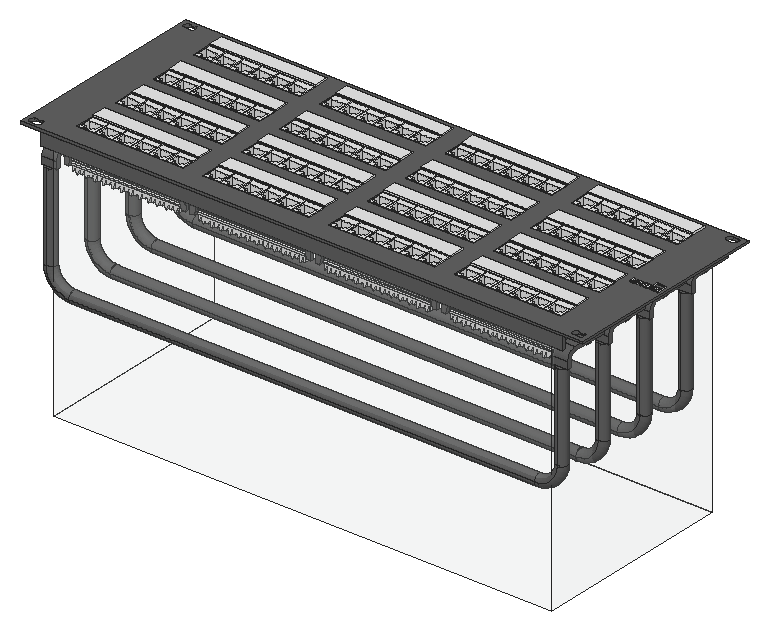
Revit family "Data_Device-Network-Leviton-Patch_Panel-Flat-110_Style", category Data Devices, host Face, Revit 2018 (continued)
Nested families (in)
  nested 48: "Data_Device-Network-Leviton-Connector-Copper-110_Style" at (6.9685, -1.7175, 0.075), visible <- "z Has 48 Ports", type <- "z Connector Type", type "CAT 6"
    with z Connector Detail Visible yes, Port ID "", Part Number "PrePopulated", Channel ID "", Channel Count 0
  nested 49: "Data_Device-Network-Leviton-Connector-Copper-110_Style" at (0.3185, -1.7175, 0.075), visible <- "z Has 48 Ports", type <- "z Connector Type", type "CAT 6"
    with z Connector Detail Visible yes, Port ID "", Part Number "PrePopulated", Channel ID "", Channel Count 0
  nested 50: "Data_Device-Network-Leviton-Connector-Copper-110_Style" at (-8.7815, -3.31271, 0.075), visible <- "z Has 96 Ports", type "CAT 6"
    with z Connector Detail Visible yes, Port ID "", Part Number "PrePopulated", Channel ID "", Channel Count 0
  nested 51: "Data_Device-Network-Leviton-Connector-Copper-110_Style" at (-8.1815, -3.31271, 0.075), visible <- "z Has 96 Ports", type "CAT 6"
    with z Connector Detail Visible yes, Port ID "", Part Number "PrePopulated", Channel ID "", Channel Count 0
  nested 52: "Data_Device-Network-Leviton-Connector-Copper-110_Style" at (-7.5815, -3.31271, 0.075), visible <- "z Has 96 Ports", type "CAT 6"
    with z Connector Detail Visible yes, Port ID "", Part Number "PrePopulated", Channel ID "", Channel Count 0
  nested 53: "Data_Device-Network-Leviton-Connector-Copper-110_Style" at (-6.9815, -3.31271, 0.075), visible <- "z Has 96 Ports", type "CAT 6"
    with z Connector Detail Visible yes, Port ID "", Part Number "PrePopulated", Channel ID "", Channel Count 0
  nested 54: "Data_Device-Network-Leviton-Connector-Copper-110_Style" at (-6.3815, -3.31271, 0.075), visible <- "z Has 96 Ports", type "CAT 6"
    with z Connector Detail Visible yes, Port ID "", Part Number "PrePopulated", Channel ID "", Channel Count 0
  nested 55: "Data_Device-Network-Leviton-Connector-Copper-110_Style" at (-5.7815, -3.31271, 0.075), visible <- "z Has 96 Ports", type "CAT 6"
    with z Connector Detail Visible yes, Port ID "", Part Number "PrePopulated", Channel ID "", Channel Count 0
  nested 56: "Data_Device-Network-Leviton-Connector-Copper-110_Style" at (-4.5315, -3.31271, 0.075), visible <- "z Has 96 Ports", type "CAT 6"
    with z Connector Detail Visible yes, Port ID "", Part Number "PrePopulated", Channel ID "", Channel Count 0
  nested 57: "Data_Device-Network-Leviton-Connector-Copper-110_Style" at (-3.9315, -3.31271, 0.075), visible <- "z Has 96 Ports", type "CAT 6"
    with z Connector Detail Visible yes, Port ID "", Part Number "PrePopulated", Channel ID "", Channel Count 0
  nested 58: "Data_Device-Network-Leviton-Connector-Copper-110_Style" at (-3.3315, -3.31271, 0.075), visible <- "z Has 96 Ports", type "CAT 6"
    with z Connector Detail Visible yes, Port ID "", Part Number "PrePopulated", Channel ID "", Channel Count 0
  nested 59: "Data_Device-Network-Leviton-Connector-Copper-110_Style" at (-2.7315, -3.31271, 0.075), visible <- "z Has 96 Ports", type "CAT 6"
    with z Connector Detail Visible yes, Port ID "", Part Number "PrePopulated", Channel ID "", Channel Count 0
  nested 60: "Data_Device-Network-Leviton-Connector-Copper-110_Style" at (-2.1315, -3.31271, 0.075), visible <- "z Has 96 Ports", type "CAT 6"
    with z Connector Detail Visible yes, Port ID "", Part Number "PrePopulated", Channel ID "", Channel Count 0
  nested 61: "Data_Device-Network-Leviton-Connector-Copper-110_Style" at (-1.5315, -3.31271, 0.075), visible <- "z Has 96 Ports", type "CAT 6"
    with z Connector Detail Visible yes, Port ID "", Part Number "PrePopulated", Channel ID "", Channel Count 0
  nested 62: "Data_Device-Network-Leviton-Connector-Copper-110_Style" at (-0.2815, -3.31271, 0.075), visible <- "z Has 96 Ports", type "CAT 6"
    with z Connector Detail Visible yes, Port ID "", Part Number "PrePopulated", Channel ID "", Channel Count 0
  nested 63: "Data_Device-Network-Leviton-Connector-Copper-110_Style" at (0.3185, -3.31271, 0.075), visible <- "z Has 96 Ports", type "CAT 6"
    with z Connector Detail Visible yes, Port ID "", Part Number "PrePopulated", Channel ID "", Channel Count 0
  nested 64: "Data_Device-Network-Leviton-Connector-Copper-110_Style" at (0.9185, -3.31271, 0.075), visible <- "z Has 96 Ports", type "CAT 6"
    with z Connector Detail Visible yes, Port ID "", Part Number "PrePopulated", Channel ID "", Channel Count 0
  nested 65: "Data_Device-Network-Leviton-Connector-Copper-110_Style" at (1.5185, -3.31271, 0.075), visible <- "z Has 96 Ports", type "CAT 6"
    with z Connector Detail Visible yes, Port ID "", Part Number "PrePopulated", Channel ID "", Channel Count 0
  nested 66: "Data_Device-Network-Leviton-Connector-Copper-110_Style" at (2.1185, -3.31271, 0.075), visible <- "z Has 96 Ports", type "CAT 6"
    with z Connector Detail Visible yes, Port ID "", Part Number "PrePopulated", Channel ID "", Channel Count 0
  nested 67: "Data_Device-Network-Leviton-Connector-Copper-110_Style" at (2.7185, -3.31271, 0.075), visible <- "z Has 96 Ports", type "CAT 6"
    with z Connector Detail Visible yes, Port ID "", Part Number "PrePopulated", Channel ID "", Channel Count 0
  nested 68: "Data_Device-Network-Leviton-Connector-Copper-110_Style" at (3.9685, -3.31271, 0.075), visible <- "z Has 96 Ports", type "CAT 6"
    with z Connector Detail Visible yes, Port ID "", Part Number "PrePopulated", Channel ID "", Channel Count 0
  nested 69: "Data_Device-Network-Leviton-Connector-Copper-110_Style" at (4.5685, -3.31271, 0.075), visible <- "z Has 96 Ports", type "CAT 6"
    with z Connector Detail Visible yes, Port ID "", Part Number "PrePopulated", Channel ID "", Channel Count 0
  nested 70: "Data_Device-Network-Leviton-Connector-Copper-110_Style" at (5.1685, -3.31271, 0.075), visible <- "z Has 96 Ports", type "CAT 6"
    with z Connector Detail Visible yes, Port ID "", Part Number "PrePopulated", Channel ID "", Channel Count 0
  nested 71: "Data_Device-Network-Leviton-Connector-Copper-110_Style" at (5.7685, -3.31271, 0.075), visible <- "z Has 96 Ports", type "CAT 6"
    with z Connector Detail Visible yes, Port ID "", Part Number "PrePopulated", Channel ID "", Channel Count 0
  nested 72: "Data_Device-Network-Leviton-Connector-Copper-110_Style" at (6.3685, -3.31271, 0.075), visible <- "z Has 96 Ports", type "CAT 6"
    with z Connector Detail Visible yes, Port ID "", Part Number "PrePopulated", Channel ID "", Channel Count 0
  nested 73: "Data_Device-Network-Leviton-Connector-Copper-110_Style" at (6.9685, -3.31271, 0.075), visible <- "z Has 96 Ports", type "CAT 6"
    with z Connector Detail Visible yes, Port ID "", Part Number "PrePopulated", Channel ID "", Channel Count 0
  nested 74: "Data_Device-Network-Leviton-Connector-Copper-110_Style" at (-8.7815, -4.94271, 0.075), visible <- "z Has 96 Ports", type "CAT 6"
    with z Connector Detail Visible yes, Port ID "", Part Number "PrePopulated", Channel ID "", Channel Count 0
  nested 75: "Data_Device-Network-Leviton-Connector-Copper-110_Style" at (-8.1815, -4.94271, 0.075), visible <- "z Has 96 Ports", type "CAT 6"
    with z Connector Detail Visible yes, Port ID "", Part Number "PrePopulated", Channel ID "", Channel Count 0
  nested 76: "Data_Device-Network-Leviton-Connector-Copper-110_Style" at (-7.5815, -4.94271, 0.075), visible <- "z Has 96 Ports", type "CAT 6"
    with z Connector Detail Visible yes, Port ID "", Part Number "PrePopulated", Channel ID "", Channel Count 0
  nested 77: "Data_Device-Network-Leviton-Connector-Copper-110_Style" at (-6.9815, -4.94271, 0.075), visible <- "z Has 96 Ports", type "CAT 6"
    with z Connector Detail Visible yes, Port ID "", Part Number "PrePopulated", Channel ID "", Channel Count 0
  nested 78: "Data_Device-Network-Leviton-Connector-Copper-110_Style" at (-6.3815, -4.94271, 0.075), visible <- "z Has 96 Ports", type "CAT 6"
    with z Connector Detail Visible yes, Port ID "", Part Number "PrePopulated", Channel ID "", Channel Count 0
  nested 79: "Data_Device-Network-Leviton-Connector-Copper-110_Style" at (-5.7815, -4.94271, 0.075), visible <- "z Has 96 Ports", type "CAT 6"
    with z Connector Detail Visible yes, Port ID "", Part Number "PrePopulated", Channel ID "", Channel Count 0
  nested 80: "Data_Device-Network-Leviton-Connector-Copper-110_Style" at (-4.5315, -4.94271, 0.075), visible <- "z Has 96 Ports", type "CAT 6"
    with z Connector Detail Visible yes, Port ID "", Part Number "PrePopulated", Channel ID "", Channel Count 0
  nested 81: "Data_Device-Network-Leviton-Connector-Copper-110_Style" at (-3.9315, -4.94271, 0.075), visible <- "z Has 96 Ports", type "CAT 6"
    with z Connector Detail Visible yes, Port ID "", Part Number "PrePopulated", Channel ID "", Channel Count 0
  nested 82: "Data_Device-Network-Leviton-Connector-Copper-110_Style" at (-3.3315, -4.94271, 0.075), visible <- "z Has 96 Ports", type "CAT 6"
    with z Connector Detail Visible yes, Port ID "", Part Number "PrePopulated", Channel ID "", Channel Count 0
  nested 83: "Data_Device-Network-Leviton-Connector-Copper-110_Style" at (-2.7315, -4.94271, 0.075), visible <- "z Has 96 Ports", type "CAT 6"
    with z Connector Detail Visible yes, Port ID "", Part Number "PrePopulated", Channel ID "", Channel Count 0
  nested 84: "Data_Device-Network-Leviton-Connector-Copper-110_Style" at (-2.1315, -4.94271, 0.075), visible <- "z Has 96 Ports", type "CAT 6"
    with z Connector Detail Visible yes, Port ID "", Part Number "PrePopulated", Channel ID "", Channel Count 0
  nested 85: "Data_Device-Network-Leviton-Connector-Copper-110_Style" at (-1.5315, -4.94271, 0.075), visible <- "z Has 96 Ports", type "CAT 6"
    with z Connector Detail Visible yes, Port ID "", Part Number "PrePopulated", Channel ID "", Channel Count 0
  nested 86: "Data_Device-Network-Leviton-Connector-Copper-110_Style" at (-0.2815, -4.94271, 0.075), visible <- "z Has 96 Ports", type "CAT 6"
    with z Connector Detail Visible yes, Port ID "", Part Number "PrePopulated", Channel ID "", Channel Count 0
  nested 87: "Data_Device-Network-Leviton-Connector-Copper-110_Style" at (0.3185, -4.94271, 0.075), visible <- "z Has 96 Ports", type "CAT 6"
    with z Connector Detail Visible yes, Port ID "", Part Number "PrePopulated", Channel ID "", Channel Count 0
  nested 88: "Data_Device-Network-Leviton-Connector-Copper-110_Style" at (0.9185, -4.94271, 0.075), visible <- "z Has 96 Ports", type "CAT 6"
    with z Connector Detail Visible yes, Port ID "", Part Number "PrePopulated", Channel ID "", Channel Count 0
  nested 89: "Data_Device-Network-Leviton-Connector-Copper-110_Style" at (1.5185, -4.94271, 0.075), visible <- "z Has 96 Ports", type "CAT 6"
    with z Connector Detail Visible yes, Port ID "", Part Number "PrePopulated", Channel ID "", Channel Count 0
  nested 90: "Data_Device-Network-Leviton-Connector-Copper-110_Style" at (2.1185, -4.94271, 0.075), visible <- "z Has 96 Ports", type "CAT 6"
    with z Connector Detail Visible yes, Port ID "", Part Number "PrePopulated", Channel ID "", Channel Count 0
  nested 91: "Data_Device-Network-Leviton-Connector-Copper-110_Style" at (2.7185, -4.94271, 0.075), visible <- "z Has 96 Ports", type "CAT 6"
    with z Connector Detail Visible yes, Port ID "", Part Number "PrePopulated", Channel ID "", Channel Count 0
  nested 92: "Data_Device-Network-Leviton-Connector-Copper-110_Style" at (3.9685, -4.94271, 0.075), visible <- "z Has 96 Ports", type "CAT 6"
    with z Connector Detail Visible yes, Port ID "", Part Number "PrePopulated", Channel ID "", Channel Count 0
  nested 93: "Data_Device-Network-Leviton-Connector-Copper-110_Style" at (4.5685, -4.94271, 0.075), visible <- "z Has 96 Ports", type "CAT 6"
    with z Connector Detail Visible yes, Port ID "", Part Number "PrePopulated", Channel ID "", Channel Count 0
  nested 94: "Data_Device-Network-Leviton-Connector-Copper-110_Style" at (5.1685, -4.94271, 0.075), visible <- "z Has 96 Ports", type "CAT 6"
    with z Connector Detail Visible yes, Port ID "", Part Number "PrePopulated", Channel ID "", Channel Count 0
  nested 95: "Data_Device-Network-Leviton-Connector-Copper-110_Style" at (5.7685, -4.94271, 0.075), visible <- "z Has 96 Ports", type "CAT 6"
    with z Connector Detail Visible yes, Port ID "", Part Number "PrePopulated", Channel ID "", Channel Count 0
  nested 96: "Data_Device-Network-Leviton-Connector-Copper-110_Style" at (6.3685, -4.94271, 0.075), visible <- "z Has 96 Ports", type "CAT 6"
    with z Connector Detail Visible yes, Port ID "", Part Number "PrePopulated", Channel ID "", Channel Count 0
  nested 97: "Data_Device-Network-Leviton-Connector-Copper-110_Style" at (6.9685, -4.94271, 0.075), visible <- "z Has 96 Ports", type "CAT 6"
    with z Connector Detail Visible yes, Port ID "", Part Number "PrePopulated", Channel ID "", Channel Count 0
  nested 98: "Levinton-Numbers" at (-0.9065, -2.05748, 0.075), visible <- "z Has 48 Ports", type "Levinton-Numbers"
    with Numbers 73 to 96 no, Numbers 49 to 72 no, Numbers 25 to 48 yes, Numbers 1 to 24 no, Numbers 1 to 12 no
  nested 99: "Levinton-Logo" at (7.9985, -2.35246, 0.075), type "Levinton-Logo"
  nested 100: "Levinton-Numbers" at (-0.9065, -0.35748, 0.075), visible <- "z Has 24 Ports", type "Levinton-Numbers"
    with Numbers 73 to 96 no, Numbers 49 to 72 no, Numbers 25 to 48 no, Numbers 1 to 24 yes, Numbers 1 to 12 no
  nested 101: "Levinton-Numbers" at (-0.9065, -3.65269, 0.075), visible <- "z Has 96 Ports", type "Levinton-Numbers"
    with Numbers 73 to 96 no, Numbers 49 to 72 yes, Numbers 25 to 48 no, Numbers 1 to 24 no, Numbers 1 to 12 no
  nested 102: "Levinton-Numbers" at (-0.9065, -5.28269, 0.075), visible <- "z Has 96 Ports", type "Levinton-Numbers"
    with Numbers 73 to 96 yes, Numbers 49 to 72 no, Numbers 25 to 48 no, Numbers 1 to 24 no, Numbers 1 to 12 no
  nested 103: "Levinton-Numbers" at (-0.9065, -0.35748, 0.075), visible <- "z 12 Port Numbers", type "Levinton-Numbers"
    with Numbers 73 to 96 no, Numbers 49 to 72 no, Numbers 25 to 48 no, Numbers 1 to 24 no, Numbers 1 to 12 yes
  nested 104: "Cable Management Bar" at (-0.9065, -5.47, -0.5), Height <- "z Mangment Bar Height", visible <- "Management Bar", type "Cable Management Bar"
    with z Tube Bar yes, z Support Width 0.50000", z Rectagular Bar no, Height 4.25000"
  nested 105: "Cable Management Bar" at (-0.9065, -3.73, -0.5), visible <- "z Management Bar 2", Height <- "z Mangment Bar Height", type "Cable Management Bar"
    with z Tube Bar yes, z Support Width 0.50000", z Rectagular Bar no, Height 4.25000"
  nested 106: "Cable Management Bar" at (-0.9065, -1.99, -0.5), Height <- "z Mangment Bar Height", visible <- "z Management Bar 3_4", type "Cable Management Bar"
    with z Tube Bar yes, z Support Width 0.50000", z Rectagular Bar no, Height 4.25000"
  nested 107: "Cable Management Bar" at (-0.9065, -0.25, -0.5), Height <- "z Mangment Bar Height", visible <- "z Management Bar 3_4", type "Cable Management Bar"
    with z Tube Bar yes, z Support Width 0.50000", z Rectagular Bar no, Height 4.25000"
  nested 108: "Back Connection" at (-7.2815, 0.305, -0.5651), visible <- "z Has 24 Ports", type "Back Connection"
    with Depth 0.56510"
  nested 109: "Back Connection" at (-7.2815, -1.32521, -0.5651), visible <- "z Has 48 Ports", type "Back Connection"
    with Depth 0.56510"
  nested 110: "Back Connection" at (-7.2815, -2.94521, -0.5651), visible <- "z Has 96 Ports", type "Back Connection"
    with Depth 0.56510"
  nested 111: "Back Connection" at (-7.2815, -4.57521, -0.5651), visible <- "z Has 96 Ports", type "Back Connection"
    with Depth 0.56510"
  nested 112: "Back Connection" at (-3.0315, 0.305, -0.5651), visible <- "z Has 12 Ports", type "Back Connection"
    with Depth 0.56540"
  nested 113: "Back Connection" at (-3.0315, -1.32521, -0.5651), visible <- "z Has 48 Ports", type "Back Connection"
    with Depth 0.56540"
  nested 114: "Back Connection" at (-3.0315, -2.94521, -0.5651), visible <- "z Has 96 Ports", type "Back Connection"
    with Depth 0.56540"
  nested 115: "Back Connection" at (-3.0315, -4.57521, -0.5651), visible <- "z Has 96 Ports", type "Back Connection"
    with Depth 0.56540"
  nested 116: "Back Connection" at (1.2185, 0.305, -0.5651), visible <- "z Has 12 Ports", type "Back Connection"
    with Depth 0.56540"
  nested 117: "Back Connection" at (1.2185, -1.32521, -0.5651), visible <- "z Has 48 Ports", type "Back Connection"
    with Depth 0.56540"
  nested 118: "Back Connection" at (1.2185, -2.94521, -0.5651), visible <- "z Has 96 Ports", type "Back Connection"
    with Depth 0.56540"
  nested 119: "Back Connection" at (1.2185, -4.57521, -0.5651), visible <- "z Has 96 Ports", type "Back Connection"
    with Depth 0.56540"
  nested 120: "Back Connection" at (5.4685, 0.305, -0.5651), visible <- "z Has 24 Ports", type "Back Connection"
    with Depth 0.56540"
  nested 121: "Back Connection" at (5.4685, -1.32521, -0.5651), visible <- "z Has 48 Ports", type "Back Connection"
    with Depth 0.56540"
  nested 122: "Back Connection" at (5.4685, -2.94521, -0.5651), visible <- "z Has 96 Ports", type "Back Connection"
    with Depth 0.56540"
  nested 123: "Back Connection" at (5.4685, -4.57521, -0.5651), visible <- "z Has 96 Ports", type "Back Connection"
    with Depth 0.56540"
Definition of nested family "Data_Device-Network-Leviton-Connector-Copper-110_Style"
  Parameters (values of type "CAT 6A")
    z Connector Detail Visible [instance] = yes
    z CAT 6A = yes
    z CAT 6 = no
    Shielded = no
    Serial Number = ""
    Port ID [instance] = ""
    Equipment Type = ""
    Width = 0.57500"  # constant formula
    Weight = 0.00 lbf
    URL = "http://www.leviton.com/networksolutions"
    Type Comments = ""
    Technical Support Phone Number = "1-800-824-3005"  # constant formula
    Quantity per Package = 0  # constant formula
    Product Documentation Link = "http://www.leviton.com/OA_HTML/SectionDisplay.jsp?section=39286&minisite=10251"
    Part Number [instance] = "110 Style"
    Part Description = Description  # "110 Style"
    Original Creation Date = "November 15, 2012"  # constant formula
    Model Disclaimer = "http://www.leviton.com/BIMterms"
    Model = ""
    Minimum Order Quantity = 0
    Show Detailed Geometry = yes
    Manufacturer = "Leviton"  # constant formula
    Height = 0.64500"  # constant formula
    Family Version = "1.0.2"  # constant formula
    Equipment Abbreviation = "110"  # constant formula
    Description = "110 Style"
    Depth = 0.64000"  # constant formula
    Default Elevation = 0.00000"
    Date Last Modified = "February 12, 2014"  # constant formula
    Copyright = "Copyright © 2013 Leviton Manufacturing Co., Inc."  # constant formula
    Channel ID [instance] = ""
    Channel Count [instance] = 0
    Category Rating = "CAT 6A"
    Assembly Code = "D5030600"
  Types (2): name | z CAT 6A | z CAT 6
    CAT 6A | yes | no
    CAT 6 | no | yes
  Reference planes (in)
    plane 1 "Center (Front/Back)": y = 0.3225
    plane 2 "Mounting Surface": z = 0
    plane 3 "Center (Left/Right)": x = 0
    plane 4 "Back": z = -0.64
    plane 5 "Connector Face": z = 0.0598
  Forms (in)
    Extrusion 1, solid
      sketch origin (0, 0, 0) x (1, 0, 0) y (0, 1, 0)
        loop
          line (-1.5, 1.75) -> (-1.5, -1.08756) -> (1.48754, -1.08756) -> (1.48754, 1.75) -> (-1.5, 1.75)
      from 0 to -1.54767
  Lines and regions (in)
    reference lines
      curve 1: line (-0.2875, 0.3225, 0) -> (0.2875, 0.3225, 0)
    symbolic lines, not visible
      curve 2: line (-0.2875, 0.3225, 0) -> (0.2875, 0.3225, 0)
  Dimensions and locks (in)
    "Depth": plane 2 "Mounting Surface" to plane 4 "Back"
    locked: plane 5 "Connector Face" to level at 0.0598
    aligned and locked: plane 2 "Mounting Surface" to Extrusion 1
    aligned and locked: level to Extrusion 1
    aligned and locked: plane 3 "Center (Left/Right)" to nested 1
    aligned and locked: plane 3 "Center (Left/Right)" to nested 2
  Automatic sketch dimensions
    plane 1 "Center (Front/Back)" to curve 2 = 0.00000"
    curve 2 to plane 3 "Center (Left/Right)" = 0.28750"
    plane 3 "Center (Left/Right)" to curve 2 = 0.28750"
    Extrusion 1 sketch curve to Extrusion 1 sketch curve = 2.98754"
    Extrusion 1 sketch curve to Extrusion 1 sketch curve = 2.83756"
    plane 1 "Center (Front/Back)" to curve 1 = 0.00000"
    curve 1 to plane 3 "Center (Left/Right)" = 0.28750"
    plane 3 "Center (Left/Right)" to curve 1 = 0.28750"
  Nested families (in)
    nested 1: "Data_Device-Network-Leviton-QuickPort-Connector-Copper" at (0, 0, 0), visible <- "z CAT 6", type "CAT 6"
      with z Yellow no, z White yes, z Void Offset 0.00000", z Purple no, z Orange no, z Light Almond no, z Leviton Color 1, z Ivory no, z Grey no, z Green no, z DarkRed no, z Crimson no, z Connector Detail Visible yes, z Brown no, z Blue no, z Black no, Serial Number "", Port ID "", Part Number "61110-RW6", Leviton Color none, Die Cast no, Channel ID "", Channel Count 0
    nested 2: "Data_Device-Network-Leviton-QuickPort-Connector-Copper" at (0, 0, 0), visible <- "z CAT 6A", type "CAT 6A Component-Rated"
      with z Yellow no, z White yes, z Void Offset 0.00000", z Purple no, z Orange no, z Light Almond no, z Leviton Color 1, z Ivory no, z Grey no, z Green no, z DarkRed no, z Crimson no, z Connector Detail Visible yes, z Brown no, z Blue no, z Black no, Serial Number "", Port ID "", Part Number "6110G-RW6", Leviton Color none, Die Cast no, Channel ID "", Channel Count 0
  Definition of nested family "Data_Device-Network-Leviton-QuickPort-Connector-Copper"
    Parameters (values of type "CAT 6A Component-Rated")
      z Yellow [instance] = and(Leviton Color = z Set Color Yellow, not(Die Cast))  # no
      z Width = 0.46900"  # constant formula
      z White [instance] = and(Leviton Color = z Set Color White, not(Die Cast))  # yes
      z Void Offset [instance] = if(and(not(Text 10G), not(Text CAT5e), not(Text CAT6), not(Text CAT5e_plus)), 0.26000", 0.00000")  # 0.00000"
      z Set Color Yellow = Color Selection : Yellow
      z Set Color White = Color Selection : White
      z Set Color Purple = Color Selection : Purple
      z Set Color Orange = Color Selection : Orange
      z Set Color Light Almond = Color Selection : Light Almond
      z Set Color Ivory = Color Selection : Ivory
      z Set Color Grey = Color Selection : Grey
      z Set Color Green = Color Selection : Green
      z Set Color DarkRed = Color Selection : Dark Red
      z Set Color Crimson = Color Selection : Crimson
      z Set Color Brown = Color Selection : Brown
      z Set Color Blue = Color Selection : Blue
      z Set Color Black = Color Selection : Black
      z Purple [instance] = and(Leviton Color = z Set Color Purple, not(Die Cast))  # no
      z Orange [instance] = and(Leviton Color = z Set Color Orange, not(Die Cast))  # no
      z Light Almond [instance] = and(Leviton Color = z Set Color Light Almond, not(Die Cast))  # no
      z Leviton Type = 2
      z Leviton Color [instance] = if(and(z Yellow, not(z White), not(z Purple), not(z Orange), not(z Light Almond), not(z Ivory), not(z Grey), not(z Green), not(z DarkRed), not(z Crimson), not(z Brown), not(z Blue), not(z Black), not(Shielded)), 4, if(and(not(z Yellow), z White, not(z Purple), not(z Orange), not(z Light Almond), not(z Ivory), not(z Grey), not(z Green), not(z DarkRed), not(z Crimson), not(z Brown), not(z Blue), not(z Black), not(Shielded)), 1, if(and(not(z Yellow), not(z White), z Purple, not(z Orange), not(z Light Almond), not(z Ivory), not(z Grey), not(z Green), not(z DarkRed), not(z Crimson), not(z Brown), not(z Blue), not(z Black), not(Shielded)), 8, if(and(not(z Yellow), not(z White), not(z Purple), z Orange, not(z Light Almond), not(z Ivory), not(z Grey), not(z Green), not(z DarkRed), not(z Crimson), not(z Brown), not(z Blue), not(z Black), not(Shielded)), 5, if(and(not(z Yellow), not(z White), not(z Purple), not(z Orange), z Light Almond, not(z Ivory), not(z Grey), not(z Green), not(z DarkRed), not(z Crimson), not(z Brown), not(z Blue), not(z Black), not(Shielded)), 2, if(and(not(z Yellow), not(z White), not(z Purple), not(z Orange), not(z Light Almond), z Ivory, not(z Grey), not(z Green), not(z DarkRed), not(z Crimson), not(z Brown), not(z Blue), not(z Black), not(Shielded)), 3, if(and(not(z Yellow), not(z White), not(z Purple), not(z Orange), not(z Light Almond), not(z Ivory), z Grey, not(z Green), not(z DarkRed), not(z Crimson), not(z Brown), not(z Blue), not(z Black), not(Shielded)), 11, if(and(not(z Yellow), not(z White), not(z Purple), not(z Orange), not(z Light Almond), not(z Ivory), not(z Grey), z Green, not(z DarkRed), not(z Crimson), not(z Brown), not(z Blue), not(z Black), not(Shielded)), 10, if(and(not(z Yellow), not(z White), not(z Purple), not(z Orange), not(z Light Almond), not(z Ivory), not(z Grey), not(z Green), z DarkRed, not(z Crimson), not(z Brown), not(z Blue), not(z Black), not(Shielded)), 7, if(and(not(z Yellow), not(z White), not(z Purple), not(z Orange), not(z Light Almond), not(z Ivory), not(z Grey), not(z Green), not(z DarkRed), z Crimson, not(z Brown), not(z Blue), not(z Black), not(Shielded)), 6, if(and(not(z Yellow), not(z White), not(z Purple), not(z Orange), not(z Light Almond), not(z Ivory), not(z Grey), not(z Green), not(z DarkRed), not(z Crimson), z Brown, not(z Blue), not(z Black), not(Shielded)), 13, if(and(not(z Yellow), not(z White), not(z Purple), not(z Orange), not(z Light Almond), not(z Ivory), not(z Grey), not(z Green), not(z DarkRed), not(z Crimson), not(z Brown), z Blue, not(z Black), not(Shielded)), 9, if(and(not(z Yellow), not(z White), not(z Purple), not(z Orange), not(z Light Almond), not(z Ivory), not(z Grey), not(z Green), not(z DarkRed), not(z Crimson), not(z Brown), not(z Blue), z Black, not(Shielded)), 12, if(and(or(z Yellow), or(z White), or(z Purple), or(z Orange), or(z Light Almond), or(z Ivory), or(z Grey), or(z Green), or(z DarkRed), or(z Crimson), or(z Brown), or(z Blue), or(z Black), Shielded), 0, 0))))))))))))))  # 1
      z Ivory [instance] = and(Leviton Color = z Set Color Ivory, not(Die Cast))  # no
      z Grey [instance] = and(Leviton Color = z Set Color Grey, not(Die Cast))  # no
      z Green [instance] = and(Leviton Color = z Set Color Green, not(Die Cast))  # no
      z Distance = if(z Collapse, 0.00000", 2.75000")  # 0.00000"
      z Depth = 0.00100"  # constant formula
      z DarkRed [instance] = and(Leviton Color = z Set Color DarkRed, not(Die Cast))  # no
      z Crimson [instance] = and(Leviton Color = z Set Color Crimson, not(Die Cast))  # no
      z Connector Detail Visible [instance] = not(z Leviton Type = 9)  # yes
      z Collapse = yes
      z Brown [instance] = and(Leviton Color = z Set Color Brown, not(Die Cast))  # no
      z Blue [instance] = and(Leviton Color = z Set Color Blue, not(Die Cast))  # no
      z Black [instance] = and(Leviton Color = z Set Color Black, not(Die Cast))  # no
      Text CAT5e_plus = no
      Text CAT6 = no
      Text CAT5e = no
      Text 10G = yes
      Serial Number [instance] = ""
      Port ID [instance] = ""
      Leviton Color [instance] = Color Selection : White
      Equipment Type = ""
      Die Cast [instance] = Shielded  # no
      Width = 0.57500"  # constant formula
      Weight = 0.00 lbf
      URL = "http://www.leviton.com/networksolutions"
      Type Comments = ""
      Technical Support Phone Number = "1-800-824-3005"  # constant formula
      Shielded = or(z Leviton Type = 6, z Leviton Type = 7, z Leviton Type = 8)  # no
      Quantity per Package = 25  # constant formula
      Product Documentation Link = "https://www.leviton.com/en/docs/Leviton_6110G-Rx6_eXtreme_Cat_6A_QuickPort_Jacks.pdf"
      Part Number [instance] = if(and(z Leviton Color = 1, z Leviton Type = 2), "6110G-RW6", if(and(z Leviton Color = 2, z Leviton Type = 2), "6110G-RT6", if(and(z Leviton Color = 3, z Leviton Type = 2), "6110G-RI6", if(and(z Leviton Color = 4, z Leviton Type = 2), "6110G-RY6", if(and(z Leviton Color = 5, z Leviton Type = 2), "6110G-RO6", if(and(z Leviton Color = 6, z Leviton Type = 2), "6110G-RC6", if(and(z Leviton Color = 7, z Leviton Type = 2), "6110G-RR6", if(and(z Leviton Color = 8, z Leviton Type = 2), "6110G-RP6", if(and(z Leviton Color = 9, z Leviton Type = 2), "6110G-RL6", if(and(z Leviton Color = 10, z Leviton Type = 2), "6110G-RV6", if(and(z Leviton Color = 11, z Leviton Type = 2), "6110G-RG6", if(and(z Leviton Color = 12, z Leviton Type = 2), "6110G-RE6", if(and(z Leviton Color = 13, z Leviton Type = 2), "6110G-RB6", if(and(z Leviton Color = 1, z Leviton Type = 3), "61110-RW6", if(and(z Leviton Color = 2, z Leviton Type = 3), "61110-RT6", if(and(z Leviton Color = 3, z Leviton Type = 3), "61110-RI6", if(and(z Leviton Color = 4, z Leviton Type = 3), "61110-RY6", if(and(z Leviton Color = 5, z Leviton Type = 3), "61110-RO6", if(and(z Leviton Color = 6, z Leviton Type = 3), "61110-RC6", if(and(z Leviton Color = 7, z Leviton Type = 3), "61110-RR6", if(and(z Leviton Color = 8, z Leviton Type = 3), "61110-RP6", if(and(z Leviton Color = 9, z Leviton Type = 3), "61110-RL6", if(and(z Leviton Color = 10, z Leviton Type = 3), "61110-RV6", if(and(z Leviton Color = 11, z Leviton Type = 3), "61110-RG6", if(and(z Leviton Color = 12, z Leviton Type = 3), "61110-RE6", if(and(z Leviton Color = 13, z Leviton Type = 3), "61110-RB6", if(and(z Leviton Color = 1, z Leviton Type = 4), "5G110-RW5", if(and(z Leviton Color = 2, z Leviton Type = 4), "5G110-RT5", if(and(z Leviton Color = 3, z Leviton Type = 4), "5G110-RI5", if(and(z Leviton Color = 4, z Leviton Type = 4), "5G110-RY5", if(and(z Leviton Color = 5, z Leviton Type = 4), "5G110-RO5", if(and(z Leviton Color = 6, z Leviton Type = 4), "5G110-RC5", if(and(z Leviton Color = 7, z Leviton Type = 4), "5G110-RR5", if(and(z Leviton Color = 8, z Leviton Type = 4), "5G110-RP5", if(and(z Leviton Color = 9, z Leviton Type = 4), "5G110-RL5", if(and(z Leviton Color = 10, z Leviton Type = 4), "5G110-RV5", if(and(z Leviton Color = 11, z Leviton Type = 4), "5G110-RG5", if(and(z Leviton Color = 12, z Leviton Type = 4), "5G110-RE5", if(and(z Leviton Color = 13, z Leviton Type = 4), "5G110-RB5", if(and(z Leviton Color = 1, z Leviton Type = 5), "5G108-RW5", if(and(z Leviton Color = 2, z Leviton Type = 5), "5G108-RT5", if(and(z Leviton Color = 3, z Leviton Type = 5), "5G108-RI5", if(and(z Leviton Color = 4, z Leviton Type = 5), "5G108-RY5", if(and(z Leviton Color = 5, z Leviton Type = 5), "5G108-RO5", if(and(z Leviton Color = 6, z Leviton Type = 5), "5G108-RC5", if(and(z Leviton Color = 7, z Leviton Type = 5), "5G108-RR5", if(and(z Leviton Color = 8, z Leviton Type = 5), "5G108-RP5", if(and(z Leviton Color = 9, z Leviton Type = 5), "5G108-RL5", if(and(z Leviton Color = 10, z Leviton Type = 5), "5G108-RV5", if(and(z Leviton Color = 11, z Leviton Type = 5), "5G108-RG5", if(and(z Leviton Color = 12, z Leviton Type = 5), "5G108-RE5", if(and(z Leviton Color = 13, z Leviton Type = 5), "5G108-RB5", if(and(z Leviton Color = 1, z Leviton Type = 9), "41084-0WB", if(and(z Leviton Color = 2, z Leviton Type = 9), "41084-0TB", if(and(z Leviton Color = 3, z Leviton Type = 9), "41084-0IB", if(and(z Leviton Color = 11, z Leviton Type = 9), "41084-0GB", if(and(z Leviton Color = 12, z Leviton Type = 9), "41084-0EB", if(and(z Leviton Color = 13, z Leviton Type = 9), "41084-0BB", "ERROR"))))))))))))))))))))))))))))))))))))))))))))))))))))))))))  # "6110G-RW6"
      Part Description = Description  # "QuickPort Connector, CAT 6A"
      Original Creation Date = "November 15, 2012"  # constant formula
      Model Disclaimer = "http://www.leviton.com/BIMterms"
      Model = ""
      Minimum Order Quantity = 0
      Show Detailed Geometry = yes
      Manufacturer = "Leviton"  # constant formula
      Height = 0.64500"  # constant formula
      Family Version = "2.0.1"  # constant formula
      Equipment Abbreviation = "QPC"  # constant formula
      Description = "QuickPort Connector, CAT 6A"
      Depth = 0.64000"  # constant formula
      Default Elevation = 0.00000"
      Date Last Modified = "October 30, 2023"  # constant formula
      Copyright = "Copyright © 2012-2016 Leviton Manufacturing Co., Inc."  # constant formula
      Channel ID [instance] = ""
      Channel Count [instance] = 0
      Category Rating = "CAT 6A"
      Assembly Code = "D5030600"
    Types (2): name | z Leviton Type | Text CAT6 | Text 10G | Product Documentation Link | Part Number | Part Description | Description | Category Rating
      CAT 6A Component-Rated | 2 | no | yes | "https://www.leviton.com/en/docs/Leviton_6110G-Rx6_eXtreme_Cat_6A_QuickPort_Jacks.pdf" | "6110G-RW6" | "QuickPort Connector, CAT 6A" | "QuickPort Connector, CAT 6A" | "CAT 6A"
      CAT 6 | 3 | yes | no | "https://www.leviton.com/en/docs/Leviton_61110-xx6_eXtreme_Cat_6_UTP_Jack.pdf" | "61110-RW6" | "QuickPort Connector, CAT 6" | "QuickPort Connector, CAT 6" | "CAT 6"
    Reference planes (in)
      plane 1 "Explode": y = 0
      plane 2 "Mounting Surface": z = 0
      plane 3 "Center (Left/Right)": x = 0
      plane 4 "Back": z = -0.64
      plane 5: y = 0
      plane 6: y = 0
      plane 7: y = 0
      plane 8: y = 0
      plane 9: y = 0
      plane 10: y = 0
      plane 11: y = 0
      plane 12: y = 0
      plane 13: y = 0
      plane 14: y = 0
      plane 15: y = 0
      plane 16: y = 0
      plane 17: x = -0.2875
      plane 18: x = 0.2875
      plane 19: y = 0.645
      plane 20: y = 0.3225
      plane 21: y = 0
      plane 22 "Connector Face": z = 0.001
      plane 23: z = -0.49
      plane 24: y = 0.805
      plane 25: z = -0.24
      plane 26: z = 0.001
      plane 27: z = -0.239
    Forms (in)
      Extrusion 1, solid
        sketch origin (0, 0, 0) x (1, 0, 0) y (0, 1, 0)
          loop
            line (-1.5, 1.75) -> (-1.5, -1.08756) -> (1.48754, -1.08756) -> (1.48754, 1.75) -> (-1.5, 1.75)
        from 0 to -1.54767
      Extrusion 2, solid, visible <- "z White"
        sketch origin (0, 2.75, 0) x (1, 0, 0) y (0, 1, 0)
          loop
            line (-0.2875, -2.105) -> (-0.2875, -2.75) -> (0.2875, -2.75) -> (0.2875, -2.105) -> (-0.2875, -2.105)
        from -0.49 to 0.001
      Extrusion 3, solid, visible <- "z Purple"
        sketch origin (0, 5.5, 0) x (1, 0, 0) y (0, 1, 0)
          loop
            line (-0.2875, -4.855) -> (-0.2875, -5.5) -> (0.2875, -5.5) -> (0.2875, -4.855) -> (-0.2875, -4.855)
        from -0.49 to 0.001
      Extrusion 4, solid, visible <- "z Orange"
        sketch origin (0, 8.25, 0) x (1, 0, 0) y (0, 1, 0)
          loop
            line (-0.2875, -7.605) -> (-0.2875, -8.25) -> (0.2875, -8.25) -> (0.2875, -7.605) -> (-0.2875, -7.605)
        from -0.49 to 0.001
      Extrusion 5, solid, not visible
        sketch origin (0, 11, 0) x (1, 0, 0) y (0, 1, 0)
          loop
            line (-0.2875, -10.355) -> (-0.2875, -11) -> (0.2875, -11) -> (0.2875, -10.355) -> (-0.2875, -10.355)
        from -0.49 to 0.001
      Extrusion 6, solid, visible <- "z Ivory"
        sketch origin (0, 13.75, 0) x (1, 0, 0) y (0, 1, 0)
          loop
            line (-0.2875, -13.105) -> (-0.2875, -13.75) -> (0.2875, -13.75) -> (0.2875, -13.105) -> (-0.2875, -13.105)
        from -0.49 to 0.001
      Extrusion 7, solid, visible <- "z Grey"
        sketch origin (0, 16.5, 0) x (1, 0, 0) y (0, 1, 0)
          loop
            line (-0.2875, -15.855) -> (-0.2875, -16.5) -> (0.2875, -16.5) -> (0.2875, -15.855) -> (-0.2875, -15.855)
        from -0.49 to 0.001
      Extrusion 8, solid, visible <- "z Green"
        sketch origin (0, 19.25, 0) x (1, 0, 0) y (0, 1, 0)
          loop
            line (-0.2875, -18.605) -> (-0.2875, -19.25) -> (0.2875, -19.25) -> (0.2875, -18.605) -> (-0.2875, -18.605)
        from -0.49 to 0.001
      Extrusion 9, solid, visible <- "z DarkRed"
        sketch origin (0, 22, 0) x (1, 0, 0) y (0, 1, 0)
          loop
            line (-0.2875, -21.355) -> (-0.2875, -22) -> (0.2875, -22) -> (0.2875, -21.355) -> (-0.2875, -21.355)
        from -0.49 to 0.001
      Extrusion 10, solid, visible <- "z Crimson"
        sketch origin (0, 24.75, 0) x (1, 0, 0) y (0, 1, 0)
          loop
            line (-0.2875, -24.105) -> (-0.2875, -24.75) -> (0.2875, -24.75) -> (0.2875, -24.105) -> (-0.2875, -24.105)
        from -0.49 to 0.001
      Extrusion 11, solid, visible <- "z Brown"
        sketch origin (0, 27.5, 0) x (1, 0, 0) y (0, 1, 0)
          loop
            line (-0.2875, -26.855) -> (-0.2875, -27.5) -> (0.2875, -27.5) -> (0.2875, -26.855) -> (-0.2875, -26.855)
        from -0.49 to 0.001
      Extrusion 12, solid, visible <- "z Blue"
        sketch origin (0, 30.25, 0) x (1, 0, 0) y (0, 1, 0)
          loop
            line (-0.2875, -29.605) -> (-0.2875, -30.25) -> (0.2875, -30.25) -> (0.2875, -29.605) -> (-0.2875, -29.605)
        from -0.49 to 0.001
      Extrusion 13, solid, visible <- "z Black"
        sketch origin (0, 33, 0) x (1, 0, 0) y (0, 1, 0)
          loop
            line (-0.2875, -32.355) -> (-0.2875, -33) -> (0.2875, -33) -> (0.2875, -32.355) -> (-0.2875, -32.355)
        from -0.49 to 0.001
      Extrusion 14, solid, visible <- "Die Cast"
        sketch origin (-0.02323, 36.22622, 0) x (1, 0, 0) y (0, 1, 0)
          loop
            line (-0.26427, -35.58122) -> (-0.26427, -36.22622) -> (0.31073, -36.22622) -> (0.31073, -35.58122) -> (-0.26427, -35.58122)
        from -0.49 to 0.001
      Extrusion 15, solid, visible <- "z Yellow"
        sketch origin (0, 0, 0) x (1, 0, 0) y (0, 1, 0)
          loop
            line (-0.2875, 0.645) -> (-0.2875, 0) -> (0.2875, 0) -> (0.2875, 0.645) -> (-0.2875, 0.645)
        from -0.49 to 0.001
      Extrusion 16, solid, visible <- "z Yellow"
        sketch origin (0, 0, 0) x (0, 1, 0) y (0, 0, 1)
          loop
            line (0.805, -0.24) -> (0.725, -0.24) -> (0.725, -0.49) -> (0.595, -0.49) -> (0.595, -0.64) -> (0.805, -0.64) -> (0.805, -0.24)
        from -0.2875 to 0.2875
      Extrusion 17, solid, visible <- "Die Cast"
        sketch origin (0, 0, 0) x (0, 1, 0) y (0, 0, 1)
          loop
            line (0.805, -0.24) -> (0.725, -0.24) -> (0.725, -0.49) -> (0.595, -0.49) -> (0.595, -0.64) -> (0.805, -0.64) -> (0.805, -0.24)
        from -0.2875 to 0.2875
      Extrusion 18, solid, visible <- "z Brown"
        sketch origin (0, 0, 0) x (0, 1, 0) y (0, 0, 1)
          loop
            line (0.805, -0.24) -> (0.725, -0.24) -> (0.725, -0.49) -> (0.595, -0.49) -> (0.595, -0.64) -> (0.805, -0.64) -> (0.805, -0.24)
        from -0.2875 to 0.2875
      Extrusion 19, solid, visible <- "z Crimson"
        sketch origin (0, 0, 0) x (0, 1, 0) y (0, 0, 1)
          loop
            line (0.805, -0.24) -> (0.725, -0.24) -> (0.725, -0.49) -> (0.595, -0.49) -> (0.595, -0.64) -> (0.805, -0.64) -> (0.805, -0.24)
        from -0.2875 to 0.2875
      Extrusion 20, solid, visible <- "z DarkRed"
        sketch origin (0, 0, 0) x (0, 1, 0) y (0, 0, 1)
          loop
            line (0.805, -0.24) -> (0.725, -0.24) -> (0.725, -0.49) -> (0.595, -0.49) -> (0.595, -0.64) -> (0.805, -0.64) -> (0.805, -0.24)
        from -0.2875 to 0.2875
      Extrusion 21, solid, visible <- "z Green"
        sketch origin (0, 0, 0) x (0, 1, 0) y (0, 0, 1)
          loop
            line (0.805, -0.24) -> (0.725, -0.24) -> (0.725, -0.49) -> (0.595, -0.49) -> (0.595, -0.64) -> (0.805, -0.64) -> (0.805, -0.24)
        from -0.2875 to 0.2875
      Extrusion 22, solid, visible <- "z Grey"
        sketch origin (0, 0, 0) x (0, 1, 0) y (0, 0, 1)
          loop
            line (0.805, -0.24) -> (0.725, -0.24) -> (0.725, -0.49) -> (0.595, -0.49) -> (0.595, -0.64) -> (0.805, -0.64) -> (0.805, -0.24)
        from -0.2875 to 0.2875
      Extrusion 23, solid, visible <- "z Ivory"
        sketch origin (0, 0, 0) x (0, 1, 0) y (0, 0, 1)
          loop
            line (0.805, -0.24) -> (0.725, -0.24) -> (0.725, -0.49) -> (0.595, -0.49) -> (0.595, -0.64) -> (0.805, -0.64) -> (0.805, -0.24)
        from -0.2875 to 0.2875
      Extrusion 24, solid, not visible
        sketch origin (0, 0, 0) x (0, 1, 0) y (0, 0, 1)
          loop
            line (0.805, -0.24) -> (0.725, -0.24) -> (0.725, -0.49) -> (0.595, -0.49) -> (0.595, -0.64) -> (0.805, -0.64) -> (0.805, -0.24)
        from -0.2875 to 0.2875
      Extrusion 25, solid, visible <- "z Orange"
        sketch origin (0, 0, 0) x (0, 1, 0) y (0, 0, 1)
          loop
            line (0.805, -0.24) -> (0.725, -0.24) -> (0.725, -0.49) -> (0.595, -0.49) -> (0.595, -0.64) -> (0.805, -0.64) -> (0.805, -0.24)
        from -0.2875 to 0.2875
      Extrusion 26, solid, visible <- "z Purple"
        sketch origin (0, 0, 0) x (0, 1, 0) y (0, 0, 1)
          loop
            line (0.805, -0.24) -> (0.725, -0.24) -> (0.725, -0.49) -> (0.595, -0.49) -> (0.595, -0.64) -> (0.805, -0.64) -> (0.805, -0.24)
        from -0.2875 to 0.2875
      Extrusion 27, solid, visible <- "z White"
        sketch origin (0, 0, 0) x (0, 1, 0) y (0, 0, 1)
          loop
            line (0.805, -0.24) -> (0.725, -0.24) -> (0.725, -0.49) -> (0.595, -0.49) -> (0.595, -0.64) -> (0.805, -0.64) -> (0.805, -0.24)
        from -0.2875 to 0.2875
      Extrusion 28, solid, visible <- "z Black"
        sketch origin (0, 0, 0) x (0, 1, 0) y (0, 0, 1)
          loop
            line (0.805, -0.24) -> (0.725, -0.24) -> (0.725, -0.49) -> (0.595, -0.49) -> (0.595, -0.64) -> (0.805, -0.64) -> (0.805, -0.24)
        from -0.2875 to 0.2875
      Extrusion 29, solid, visible <- "z Blue"
        sketch origin (0, 0, 0) x (0, 1, 0) y (0, 0, 1)
          loop
            line (0.805, -0.24) -> (0.725, -0.24) -> (0.725, -0.49) -> (0.595, -0.49) -> (0.595, -0.64) -> (0.805, -0.64) -> (0.805, -0.24)
        from -0.2875 to 0.2875
      Extrusion 30, solid, visible <- "Text CAT5e"
        sketch origin (0, -1.15031, 0) x (0, 1, 0) y (0, 0, 1)
          loop
            line (1.74531, -0.64) -> (1.74531, -0.49) -> (1.22231, -0.49) -> (1.22231, -0.64) -> (1.74531, -0.64)
        from -0.2875 to 0.2875
      Extrusion 31, solid, visible <- "Text CAT5e_plus"
        sketch origin (0, -2.33657, 0) x (0, 1, 0) y (0, 0, 1)
          loop
            line (2.93157, -0.64) -> (2.93157, -0.49) -> (2.33657, -0.49) -> (2.33657, -0.64) -> (2.93157, -0.64)
        from -0.2875 to 0.2875
      Extrusion 32, solid, visible <- "Text 10G"
        sketch origin (0, -3.26226, 0) x (0, 1, 0) y (0, 0, 1)
          loop
            line (3.85726, -0.49) -> (3.26226, -0.49) -> (3.26226, -0.64) -> (3.85726, -0.64) -> (3.85726, -0.49)
        from -0.2875 to 0.2875
      Extrusion 33, solid, visible <- "Text CAT6"
        sketch origin (0, -3.83657, 0) x (0, 1, 0) y (0, 0, 1)
          loop
            line (4.43157, -0.64) -> (4.43157, -0.49) -> (3.83657, -0.49) -> (3.83657, -0.64) -> (4.43157, -0.64)
        from -0.2875 to 0.2875
      Extrusion 34, void
        sketch origin (0, 0, 0) x (1, 0, 0) y (0, 1, 0)
          loop
            line (-0.2345, 0.419) -> (-0.2345, 0.15) -> (-0.124, 0.15) -> (-0.124, 0.072) -> (-0.08, 0.072) -> (-0.08, 0.022) -> (0.08, 0.022) -> (0.08, 0.072) -> (0.124, 0.072) -> (0.124, 0.15) -> (0.2345, 0.15) -> (0.2345, 0.419) -> (-0.2345, 0.419)
        from 0.001 to -0.239
    Cuts and joins
      Extrusion 34 cuts Extrusion 15
      joined: Extrusion 15, Extrusion 16
      Extrusion 34 cuts Extrusion 14
      joined: Extrusion 14, Extrusion 17
      Extrusion 34 cuts Extrusion 13
      joined: Extrusion 13, Extrusion 28
      Extrusion 34 cuts Extrusion 12
      joined: Extrusion 12, Extrusion 29
      Extrusion 34 cuts Extrusion 11
      joined: Extrusion 11, Extrusion 18
      Extrusion 34 cuts Extrusion 10
      joined: Extrusion 10, Extrusion 19
      Extrusion 34 cuts Extrusion 9
      joined: Extrusion 9, Extrusion 20
      Extrusion 34 cuts Extrusion 8
      joined: Extrusion 8, Extrusion 21
      Extrusion 34 cuts Extrusion 7
      joined: Extrusion 7, Extrusion 22
      Extrusion 34 cuts Extrusion 6
      joined: Extrusion 6, Extrusion 23
      Extrusion 34 cuts Extrusion 5
      joined: Extrusion 5, Extrusion 24
      Extrusion 34 cuts Extrusion 4
      joined: Extrusion 4, Extrusion 25
      Extrusion 34 cuts Extrusion 3
      joined: Extrusion 3, Extrusion 26
      Extrusion 34 cuts Extrusion 2
      joined: Extrusion 2, Extrusion 27
    Lines and regions (in)
      reference lines
        curve 1: line (0, 0.645, 0) -> (0, 0, 0)
        curve 2: line (-0.2875, 0.3225, 0) -> (0.2875, 0.3225, 0)
      model lines, visible <- "z Connector Detail Visible", detail levels medium+fine
        curve 3: line (-0.2, 0.589, 0.001) -> (0.2, 0.589, 0.001)
        curve 4: line (-0.2, 0.469, 0.001) -> (-0.2, 0.589, 0.001)
        curve 5: line (0.2, 0.469, 0.001) -> (-0.2, 0.469, 0.001)
        curve 6: line (0.2, 0.589, 0.001) -> (0.2, 0.469, 0.001)
      symbolic lines, not visible
        curve 7: line (-0.2875, 0.3225, 0) -> (0.2875, 0.3225, 0)
    Dimensions and locks (in)
      "z Distance": plane 1 "Explode" to plane 5
      "z Distance": plane 6 to plane 5
      "z Distance": plane 7 to plane 6
      "z Distance": plane 8 to plane 7
      "z Distance": plane 9 to plane 8
      "z Distance": plane 10 to plane 9
      "z Distance": plane 11 to plane 10
      "z Distance": plane 12 to plane 11
      "z Distance": plane 13 to plane 12
      "z Distance": plane 14 to plane 13
      "z Distance": plane 15 to plane 14
      "z Distance": plane 16 to plane 15
      "Height": Extrusion 2 to Extrusion 2
      "Height": Extrusion 3 to Extrusion 3
      "Height": Extrusion 4 to Extrusion 4
      "Height": Extrusion 5 to Extrusion 5
      "Height": Extrusion 6 to Extrusion 6
      "Height": Extrusion 7 to Extrusion 7
      "Height": Extrusion 8 to Extrusion 8
      "Height": Extrusion 9 to Extrusion 9
      "Height": Extrusion 10 to Extrusion 10
      "Height": Extrusion 11 to Extrusion 11
      "Height": Extrusion 12 to Extrusion 12
      "Height": Extrusion 13 to Extrusion 13
      "Width": plane 17 to plane 18
      "Height": plane 19 to plane 16
      equal spacing: plane 19, plane 20, plane 16, locked at 0.3225 each
      "z Distance": plane 21 to plane 16
      "Height": Extrusion 14 to Extrusion 14
      "z Depth": plane 22 "Connector Face" to level
      "Height": Extrusion 15 to Extrusion 15
      curve 3 to plane 16 = 0.58900"
      locked: plane 2 "Mounting Surface" to plane 23 at 0.49
      locked: plane 24 to plane 19 at 0.16
      plane 2 "Mounting Surface" to plane 25 = 0.24000"
      "Depth": plane 2 "Mounting Surface" to plane 4 "Back"
      locked: plane 20 to Extrusion 30 at 0.2505
      locked: plane 26 to plane 27 at 0.24
      "z Void Offset": plane 26 to plane 22 "Connector Face"
      aligned and locked: plane 2 "Mounting Surface" to Extrusion 1
      aligned and locked: level to Extrusion 1
      aligned and locked: Extrusion 2 to plane 5
      aligned and locked: Extrusion 3 to plane 6
      aligned and locked: Extrusion 4 to plane 7
      aligned and locked: Extrusion 5 to plane 8
      aligned and locked: Extrusion 6 to plane 9
      aligned and locked: Extrusion 7 to plane 10
      aligned and locked: Extrusion 8 to plane 11
      aligned and locked: Extrusion 9 to plane 12
      aligned and locked: Extrusion 10 to plane 13
      aligned and locked: Extrusion 11 to plane 14
      aligned and locked: Extrusion 12 to plane 15
      aligned and locked: Extrusion 13 to plane 16
      aligned and locked: plane 17 to Extrusion 13
      aligned and locked: plane 17 to Extrusion 12
      aligned and locked: plane 17 to Extrusion 11
      aligned and locked: plane 17 to Extrusion 10
      aligned and locked: plane 17 to Extrusion 9
      aligned and locked: plane 17 to Extrusion 8
      aligned and locked: plane 17 to Extrusion 7
      aligned and locked: plane 17 to Extrusion 6
      aligned and locked: plane 17 to Extrusion 5
      aligned and locked: plane 17 to Extrusion 4
      aligned and locked: plane 17 to Extrusion 3
      aligned and locked: plane 17 to Extrusion 2
      aligned and locked: Extrusion 2 to plane 18
      aligned and locked: Extrusion 3 to plane 18
      aligned and locked: Extrusion 4 to plane 18
      aligned and locked: Extrusion 5 to plane 18
      aligned and locked: Extrusion 6 to plane 18
      aligned and locked: Extrusion 7 to plane 18
      aligned and locked: Extrusion 8 to plane 18
      aligned and locked: Extrusion 9 to plane 18
      aligned and locked: Extrusion 10 to plane 18
      aligned and locked: Extrusion 11 to plane 18
      aligned and locked: Extrusion 12 to plane 18
      aligned and locked: Extrusion 13 to plane 18
      aligned and locked: Extrusion 14 to plane 18
      aligned and locked: plane 17 to Extrusion 14
      aligned and locked: Extrusion 14 to plane 21
      aligned and locked: curve 1 to plane 3 "Center (Left/Right)"
      aligned and locked: curve 2 to plane 20
      aligned and locked: plane 1 "Explode" to Extrusion 15
      aligned and locked: plane 22 "Connector Face" to Extrusion 15
      aligned and locked: plane 22 "Connector Face" to Extrusion 2
      aligned and locked: plane 22 "Connector Face" to Extrusion 3
      aligned and locked: plane 22 "Connector Face" to Extrusion 4
      aligned and locked: plane 22 "Connector Face" to Extrusion 5
      aligned and locked: plane 22 "Connector Face" to Extrusion 6
      aligned and locked: plane 22 "Connector Face" to Extrusion 7
      aligned and locked: plane 22 "Connector Face" to Extrusion 8
      aligned and locked: plane 22 "Connector Face" to Extrusion 9
      aligned and locked: plane 22 "Connector Face" to Extrusion 10
      aligned and locked: plane 22 "Connector Face" to Extrusion 11
      aligned and locked: plane 22 "Connector Face" to Extrusion 12
      aligned and locked: plane 22 "Connector Face" to Extrusion 14
      aligned and locked: plane 22 "Connector Face" to Extrusion 13
      aligned and locked: Extrusion 2 to curve 7
      aligned and locked: curve 7 to curve 2
      aligned and locked: Extrusion 15 to plane 23
      aligned and locked: Extrusion 14 to plane 23
      aligned and locked: Extrusion 13 to plane 23
      aligned and locked: Extrusion 12 to plane 23
      aligned and locked: Extrusion 11 to plane 23
      aligned and locked: Extrusion 10 to plane 23
      aligned and locked: Extrusion 9 to plane 23
      aligned and locked: Extrusion 8 to plane 23
      aligned and locked: Extrusion 7 to plane 23
      aligned and locked: Extrusion 6 to plane 23
      aligned and locked: Extrusion 5 to plane 23
      aligned and locked: Extrusion 4 to plane 23
      aligned and locked: Extrusion 3 to plane 23
      aligned and locked: Extrusion 2 to plane 23
      aligned and locked: plane 25 to Extrusion 16 sketch curve
      aligned and locked: plane 24 to Extrusion 16 sketch curve
      aligned and locked: plane 23 to Extrusion 16 sketch curve
      aligned and locked: plane 17 to cut or joined group of Extrusion 15, Extrusion 16, Extrusion 34
      aligned and locked: cut or joined group of Extrusion 15, Extrusion 16, Extrusion 34 to plane 18
      aligned and locked: Extrusion 17 to plane 24
      aligned and locked: plane 23 to Extrusion 17
      aligned and locked: plane 25 to Extrusion 17
      aligned and locked: Extrusion 28 to plane 24
      aligned and locked: plane 25 to Extrusion 28
      aligned and locked: plane 23 to Extrusion 28
      aligned and locked: Extrusion 29 to plane 24
      aligned and locked: plane 25 to Extrusion 29
      aligned and locked: plane 23 to Extrusion 29
      aligned and locked: Extrusion 18 to plane 24
      aligned and locked: plane 25 to Extrusion 18
      aligned and locked: plane 23 to Extrusion 18
      aligned and locked: cut or joined group of Extrusion 10, Extrusion 19, Extrusion 34 to plane 24
      aligned and locked: plane 25 to cut or joined group of Extrusion 10, Extrusion 19, Extrusion 34
      aligned and locked: plane 23 to cut or joined group of Extrusion 10, Extrusion 19, Extrusion 34
      aligned and locked: Extrusion 20 to plane 24
      aligned and locked: plane 25 to Extrusion 20
      aligned and locked: plane 23 to Extrusion 20
      aligned and locked: Extrusion 21 to plane 24
      aligned and locked: plane 23 to Extrusion 21
      aligned and locked: plane 25 to Extrusion 21
      aligned and locked: plane 23 to Extrusion 22
      aligned and locked: plane 25 to Extrusion 22
      aligned and locked: Extrusion 22 to plane 24
      aligned and locked: Extrusion 23 to plane 24
      aligned and locked: plane 23 to Extrusion 23
      aligned and locked: plane 25 to Extrusion 23
      aligned and locked: Extrusion 24 to plane 24
      aligned and locked: plane 23 to Extrusion 24
      aligned and locked: plane 25 to Extrusion 24
      aligned and locked: Extrusion 25 to plane 24
      aligned and locked: plane 23 to Extrusion 25
      aligned and locked: plane 25 to Extrusion 25
      aligned and locked: Extrusion 26 to plane 24
      aligned and locked: plane 23 to Extrusion 26
      aligned and locked: plane 25 to Extrusion 26
      aligned and locked: Extrusion 30 to plane 4 "Back"
      aligned and locked: Extrusion 30 to cut or joined group of Extrusion 2, Extrusion 27, Extrusion 34
      aligned and locked: plane 23 to Extrusion 30
      aligned and locked: Extrusion 31 sketch curve to plane 23
      aligned and locked: cut or joined group of Extrusion 2, Extrusion 27, Extrusion 34 to Extrusion 31 sketch curve
      aligned and locked: Extrusion 32 sketch curve to cut or joined group of Extrusion 2, Extrusion 27, Extrusion 34
      aligned and locked: Extrusion 32 sketch curve to plane 23
      aligned and locked: Extrusion 32 sketch curve to plane 4 "Back"
      aligned and locked: Extrusion 32 sketch curve to plane 21
      aligned and locked: plane 23 to Extrusion 33
      aligned and locked: Extrusion 33 sketch curve to Extrusion 32
      aligned and locked: Extrusion 33 sketch curve to plane 21
      aligned and locked: Extrusion 33 to plane 18
      aligned and locked: Extrusion 31 to plane 18
      aligned and locked: import instance to plane 22 "Connector Face"
      aligned and locked: plane 22 "Connector Face" to import instance  (x3)
      aligned and locked: plane 26 to Extrusion 34
      aligned and locked: Extrusion 34 to plane 27
      aligned and locked: cut or joined group of Extrusion 3, Extrusion 26, Extrusion 34 to plane 4 "Back"
      aligned and locked: cut or joined group of Extrusion 4, Extrusion 25, Extrusion 34 to plane 4 "Back"
      aligned and locked: cut or joined group of Extrusion 5, Extrusion 24, Extrusion 34 to plane 4 "Back"
      aligned and locked: cut or joined group of Extrusion 6, Extrusion 23, Extrusion 34 to plane 4 "Back"
      aligned and locked: cut or joined group of Extrusion 8, Extrusion 21, Extrusion 34 to plane 4 "Back"
      aligned and locked: cut or joined group of Extrusion 9, Extrusion 20, Extrusion 34 to plane 4 "Back"
      aligned and locked: cut or joined group of Extrusion 10, Extrusion 19, Extrusion 34 to plane 4 "Back"
      aligned and locked: cut or joined group of Extrusion 11, Extrusion 18, Extrusion 34 to plane 4 "Back"
      aligned and locked: cut or joined group of Extrusion 12, Extrusion 29, Extrusion 34 to plane 4 "Back"
      aligned and locked: cut or joined group of Extrusion 13, Extrusion 28, Extrusion 34 to plane 4 "Back"
      aligned and locked: cut or joined group of Extrusion 14, Extrusion 17, Extrusion 34 to plane 4 "Back"
      aligned and locked: cut or joined group of Extrusion 15, Extrusion 16, Extrusion 34 to plane 4 "Back"
    Automatic sketch dimensions
      curve 7 to plane 18 = 0.00000"
      Extrusion 1 sketch curve to Extrusion 1 sketch curve = 2.98754"
      Extrusion 1 sketch curve to Extrusion 1 sketch curve = 2.83756"
      plane 1 "Explode" to Extrusion 2 sketch curve = 0.00000"
      Extrusion 2 sketch curve to plane 17 = 0.00000"
      Extrusion 2 sketch curve to plane 18 = 0.00000"
      Extrusion 2 sketch curve to plane 19 = 0.00000"
      plane 1 "Explode" to Extrusion 3 sketch curve = 0.00000"
      Extrusion 3 sketch curve to plane 17 = 0.00000"
      Extrusion 3 sketch curve to plane 18 = 0.00000"
      Extrusion 3 sketch curve to plane 19 = 0.00000"
      plane 1 "Explode" to Extrusion 4 sketch curve = 0.00000"
      Extrusion 4 sketch curve to plane 17 = 0.00000"
      Extrusion 4 sketch curve to plane 18 = 0.00000"
      Extrusion 4 sketch curve to plane 19 = 0.00000"
      plane 1 "Explode" to Extrusion 5 sketch curve = 0.00000"
      Extrusion 5 sketch curve to plane 17 = 0.00000"
      Extrusion 5 sketch curve to plane 18 = 0.00000"
      Extrusion 5 sketch curve to plane 19 = 0.00000"
      plane 1 "Explode" to Extrusion 6 sketch curve = 0.00000"
      Extrusion 6 sketch curve to plane 17 = 0.00000"
      Extrusion 6 sketch curve to plane 18 = 0.00000"
      Extrusion 6 sketch curve to plane 19 = 0.00000"
      plane 1 "Explode" to Extrusion 7 sketch curve = 0.00000"
      Extrusion 7 sketch curve to plane 17 = 0.00000"
      Extrusion 7 sketch curve to plane 18 = 0.00000"
      Extrusion 7 sketch curve to plane 19 = 0.00000"
      plane 1 "Explode" to Extrusion 8 sketch curve = 0.00000"
      Extrusion 8 sketch curve to plane 17 = 0.00000"
      Extrusion 8 sketch curve to plane 18 = 0.00000"
      Extrusion 8 sketch curve to plane 19 = 0.00000"
      plane 1 "Explode" to Extrusion 9 sketch curve = 0.00000"
      Extrusion 9 sketch curve to plane 17 = 0.00000"
      Extrusion 9 sketch curve to plane 18 = 0.00000"
      Extrusion 9 sketch curve to plane 19 = 0.00000"
      plane 1 "Explode" to Extrusion 10 sketch curve = 0.00000"
      Extrusion 10 sketch curve to plane 17 = 0.00000"
      Extrusion 10 sketch curve to plane 18 = 0.00000"
      Extrusion 10 sketch curve to plane 19 = 0.00000"
      plane 1 "Explode" to Extrusion 11 sketch curve = 0.00000"
      Extrusion 11 sketch curve to plane 17 = 0.00000"
      Extrusion 11 sketch curve to plane 18 = 0.00000"
      Extrusion 11 sketch curve to plane 19 = 0.00000"
      plane 1 "Explode" to Extrusion 12 sketch curve = 0.00000"
      Extrusion 12 sketch curve to plane 17 = 0.00000"
      Extrusion 12 sketch curve to plane 18 = 0.00000"
      Extrusion 12 sketch curve to plane 19 = 0.00000"
      plane 1 "Explode" to Extrusion 13 sketch curve = 0.00000"
      Extrusion 13 sketch curve to plane 17 = 0.00000"
      Extrusion 13 sketch curve to plane 18 = 0.00000"
      Extrusion 13 sketch curve to plane 19 = 0.00000"
      plane 1 "Explode" to Extrusion 14 sketch curve = 0.00000"
      Extrusion 14 sketch curve to plane 17 = 0.00000"
      Extrusion 14 sketch curve to plane 18 = 0.00000"
      Extrusion 14 sketch curve to plane 19 = 0.00000"
      curve 2 to plane 17 = 0.00000"
      curve 2 to plane 18 = 0.00000"
      plane 1 "Explode" to curve 1 = 0.00000"
      curve 1 to plane 19 = 0.00000"
      plane 1 "Explode" to Extrusion 15 sketch curve = 0.00000"
      Extrusion 15 sketch curve to plane 17 = 0.00000"
      Extrusion 15 sketch curve to plane 18 = 0.00000"
      Extrusion 15 sketch curve to plane 19 = 0.00000"
      plane 18 to curve 3 = 0.08750"
      curve 5 to plane 17 = 0.08750"
      curve 3 to curve 4 = 0.12000"
      plane 19 to Extrusion 16 sketch curve = 0.08000"
      Extrusion 16 sketch curve to plane 19 = 0.05000"
      Extrusion 17 sketch curve to plane 23 = 0.00000"
      Extrusion 17 sketch curve to plane 25 = 0.00000"
      Extrusion 17 sketch curve to plane 24 = 0.00000"
      plane 19 to Extrusion 17 sketch curve = 0.08000"
      Extrusion 17 sketch curve to plane 19 = 0.05000"
      Extrusion 18 sketch curve to plane 23 = 0.00000"
      Extrusion 18 sketch curve to plane 25 = 0.00000"
      Extrusion 18 sketch curve to plane 24 = 0.00000"
      plane 19 to Extrusion 18 sketch curve = 0.08000"
      Extrusion 18 sketch curve to plane 19 = 0.05000"
      Extrusion 19 sketch curve to plane 23 = 0.00000"
      Extrusion 19 sketch curve to plane 25 = 0.00000"
      Extrusion 19 sketch curve to plane 24 = 0.00000"
      plane 19 to Extrusion 19 sketch curve = 0.08000"
      Extrusion 19 sketch curve to plane 19 = 0.05000"
      Extrusion 20 sketch curve to plane 23 = 0.00000"
      Extrusion 20 sketch curve to plane 25 = 0.00000"
      Extrusion 20 sketch curve to plane 24 = 0.00000"
      plane 19 to Extrusion 20 sketch curve = 0.08000"
      Extrusion 20 sketch curve to plane 19 = 0.05000"
      Extrusion 21 sketch curve to plane 23 = 0.00000"
      Extrusion 21 sketch curve to plane 25 = 0.00000"
      Extrusion 21 sketch curve to plane 24 = 0.00000"
      plane 19 to Extrusion 21 sketch curve = 0.08000"
      Extrusion 21 sketch curve to plane 19 = 0.05000"
      Extrusion 22 sketch curve to plane 23 = 0.00000"
      Extrusion 22 sketch curve to plane 25 = 0.00000"
      Extrusion 22 sketch curve to plane 24 = 0.00000"
      plane 19 to Extrusion 22 sketch curve = 0.08000"
      Extrusion 22 sketch curve to plane 19 = 0.05000"
      Extrusion 23 sketch curve to plane 23 = 0.00000"
      Extrusion 23 sketch curve to plane 25 = 0.00000"
      Extrusion 23 sketch curve to plane 24 = 0.00000"
      plane 19 to Extrusion 23 sketch curve = 0.08000"
